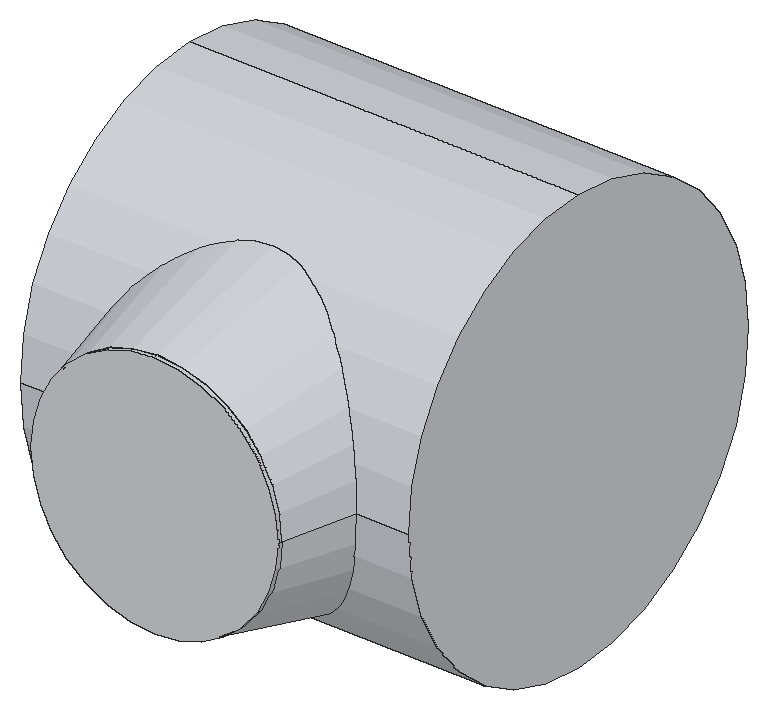
Revit family "M_Cruzamento redondo - Cônico", category Conexões de duto, Revit 2019
Family settings
  Cota do conector redondo = Usar raio
  Tipo de parte = Cruzeta
  Número OmniClass = 23.75.70.14
  Título OmniClass = Air Ductwork
  ID de item do Seek = Round Cross - Conical-0000-CAN-ENU
  Com base no plano de trabalho = Não
  Sempre na vertical = Sim
  Corte com vazios quando carregada = Não
  Compartilhado = Não
Parameters (values of type "Padrão")
  ComprimentoDoToco [instance] = 6 mm
  Raio do duto 1 [instance] = 300 mm
  L1 [instance] = RaioBasedoCone * 2  # 550 mm
  Raio do duto 4 [instance] = 175 mm
  Raio do duto 3 [instance] = 75 mm
  Diâmetro do duto 4 [instance] = 2 * Raio do duto 4  # 350 mm
  Comprimento de cone D3 [instance] = -ComprimentodoCone  # -400 mm
  Diâmetro do duto 3 [instance] = 2 * Raio do duto 3  # 150 mm
  Diâmetro do duto 1 [instance] = 2 * Raio do duto 1  # 600 mm
  ComprimentodoCone [instance] = Raio do duto 1 + ExtensãodoCone  # 400 mm
  PernadoCone [instance] = 50 mm
  ExtensãodoCone [instance] = 100 mm
  RaioBasedoCone [instance] = if(Raio do duto 3 > Raio do duto 4, Raio do duto 3 + PernadoCone * 2, Raio do duto 4 + PernadoCone * 2)  # 275 mm
  Assembly Code = ""
Reference planes
  plane 1 "Centro (Frente/Trás)": y = 0
  plane 2: z = 0
  plane 3 "Centro (Esquerda/Direita)": x = 0
  plane 4: x = -275
  plane 5: x = 275
  plane 6: y = 400
  plane 7: y = -400
  plane 8: y = 406
  plane 9: y = -406
Forms (mm)
  Sweep 1, solid, detail levels medium+fine
    path in 3D
      loop
        line (-275, 0, 0) -> (275, 0, 0)
    profile "M_Duto - Redondo : Duto - Redondo 1" origin (0, 0, 0) x (0, 1, 0) y (0, 0, 1)
      loop
        arc (-300, 0) -> (-212.132, -212.132) -> (0, -300) r 300
        arc (0, -300) -> (212.132, -212.132) -> (300, 0) r 300
        arc (300, 0) -> (212.132, 212.132) -> (0, 300) r 300
        arc (0, 300) -> (-212.132, 212.132) -> (-300, 0) r 300
  Sweep 2, solid, detail levels medium+fine
    path in 3D
      loop
        line (0, 406, 0) -> (0, 400, 0)
    profile "M_Duto - Redondo : Duto - Redondo 3" origin (0, 403, 0) x (1, 0, 0) y (0, 0, 1)
      loop
        arc (-75, 0) -> (-53.033, -53.033) -> (0, -75) r 75
        arc (0, -75) -> (53.033, -53.033) -> (75, 0) r 75
        arc (75, 0) -> (53.033, 53.033) -> (0, 75) r 75
        arc (0, 75) -> (-53.033, 53.033) -> (-75, 0) r 75
  Sweep 3, solid, detail levels medium+fine
    path in 3D
      loop
        line (0, -400, 0) -> (0, -406, 0)
    profile "M_Duto - Redondo : Duto - Redondo 4" origin (0, -403, 0) x (1, 0, 0) y (0, 0, 1)
      loop
        arc (-175, 0) -> (-123.744, -123.744) -> (0, -175) r 175
        arc (0, -175) -> (123.744, -123.744) -> (175, 0) r 175
        arc (175, 0) -> (123.744, 123.744) -> (0, 175) r 175
        arc (0, 175) -> (-123.744, 123.744) -> (-175, 0) r 175
  Blend 4, solid, detail levels medium+fine
    base sketch origin (0, 0, 0) x (1, 0, 0) y (0, 0, 1)
      loop
        circle (0, 0) r 275
    top sketch origin (0, 0, 0) x (1, 0, 0) y (0, 0, 1)
      loop
        circle (0, 0) r 175
    from 0 to 400 <- "ComprimentodoCone"
  Blend 5, solid, detail levels medium+fine
    base sketch origin (0, 0, 0) x (1, 0, 0) y (0, 0, 1)
      loop
        circle (0, 0) r 275
    top sketch origin (0, 0, 0) x (1, 0, 0) y (0, 0, 1)
      loop
        circle (0, 0) r 75
    from 0 to -400 <- "Comprimento de cone D3"
Cuts and joins
  joined: Sweep 1, Blend 4, Blend 5
Lines and regions (mm)
  reference lines
    curve 1: line (-275, 0, 0) -> (275, 0, 0)
    curve 3: line (0, 406, 0) -> (0, 400, 0)
    curve 4: line (0, 298.4, 0) -> (0, 292.05, 0)
    curve 5: line (0, -81.469, 0) -> (0, -87.819, 0)
    curve 6: line (0, -400, 0) -> (0, -406, 0)
  sketch lines
    curve 2: line (-275, 0, 0) -> (275, 0, 0)
    curve 7: line (0, 406, 0) -> (0, 400, 0)
    curve 8: line (0, -400, 0) -> (0, -406, 0)
  model lines, style "DuctFitting", detail levels coarse
    curve 9: line (-275, 0, 0) -> (275, 0, 0)
    curve 10: line (0, 406, 0) -> (0, -406, 0)
Dimensions and locks
  "ComprimentoDoToco": plane 9 to plane 7
  "ComprimentodoCone": plane 1 "Centro (Frente/Trás)" to plane 6
  "ComprimentodoCone": plane 7 to plane 1 "Centro (Frente/Trás)"
  "ComprimentoDoToco": plane 6 to plane 8
  "RaioBasedoCone": plane 4 to plane 3 "Centro (Esquerda/Direita)"
  "RaioBasedoCone": plane 3 "Centro (Esquerda/Direita)" to plane 5
  "RaioBasedoCone": radius of Blend 4 sketch curve
  "Raio do duto 4": radius of Blend 4 sketch curve
  "RaioBasedoCone": radius of Blend 5 sketch curve
  "Raio do duto 3": radius of Blend 5 sketch curve
  aligned and locked: plane 5 to curve 1
  aligned and locked: plane 4 to curve 1
  aligned and locked: plane 1 "Centro (Frente/Trás)" to curve 1
  aligned and locked: plane 7 to curve 6
  aligned and locked: plane 9 to curve 6
  aligned and locked: curve 6 to plane 3 "Centro (Esquerda/Direita)"
  aligned and locked: curve 5 to plane 3 "Centro (Esquerda/Direita)"
  aligned and locked: plane 8 to curve 3
  aligned and locked: curve 4 to plane 3 "Centro (Esquerda/Direita)"
  aligned and locked: plane 3 "Centro (Esquerda/Direita)" to Blend 4 sketch curve  (x2)
  aligned and locked: plane 2 to Blend 4 sketch curve  (x2)
  aligned and locked: curve 3 to plane 3 "Centro (Esquerda/Direita)"
  aligned and locked: plane 3 "Centro (Esquerda/Direita)" to Blend 5 sketch curve  (x2)
  aligned and locked: plane 2 to Blend 5 sketch curve  (x2)
  aligned and locked: curve 10 to Sweep 2
  aligned and locked: connector elem to curve 10
  aligned and locked: Blend 5 to plane 6
  aligned and locked: plane 1 "Centro (Frente/Trás)" to Blend 5
  aligned and locked: Blend 4 to plane 1 "Centro (Frente/Trás)"
  aligned and locked: plane 7 to Blend 4
  aligned and locked: plane 9 to curve 10
  aligned and locked: plane 1 "Centro (Frente/Trás)" to curve 9
  aligned and locked: plane 4 to curve 9
  aligned and locked: plane 5 to curve 9
  aligned and locked: curve 3 to cut or joined group of Sweep 1, Blend 4, Blend 5
Automatic sketch dimensions
  curve 3 to plane 6 = 0 mm
  plane 1 "Centro (Frente/Trás)" to curve 5 = 87.819 mm
  curve 5 to curve 5 = 6.35 mm
  plane 6 to curve 4 = 107.95 mm
  curve 4 to curve 4 = 6.35 mm
Connectors
  hvac at (-275, 0, 0), driven by "Raio do duto 1"
    settings: on cut or joined group of Sweep 1, Blend 4, Blend 5, index 1, duct flow 0.0 L/s, flow factor 0, pres drop 0.0 Pa, loss coef 0, conn angle 0.00°, conn width 304.8 mm, conn height 304.8 mm, conn diameter 600 mm, duct sys type 28, conn prof type 0, flow config 0, flow direction 0, loss method 0, conn ref index 2, conn util no, is conn primary yes, conn desc ""
  hvac at (275, 0, 0), driven by "Raio do duto 1"
    settings: on cut or joined group of Sweep 1, Blend 4, Blend 5, index 2, duct flow 0.0 L/s, flow factor 0, pres drop 0.0 Pa, loss coef 0, conn angle 0.00°, conn width 304.8 mm, conn height 304.8 mm, conn diameter 600 mm, duct sys type 28, conn prof type 0, flow config 0, flow direction 0, loss method 0, conn ref index 1, conn util no, is conn primary no, conn desc ""
  hvac at (0, 406, 0), driven by "Raio do duto 3"
    settings: on Sweep 2, index 3, duct flow 0.0 L/s, flow factor 0, pres drop 0.0 Pa, loss coef 0, conn angle 0.00°, conn width 304.8 mm, conn height 304.8 mm, conn diameter 150 mm, duct sys type 28, conn prof type 0, flow config 0, flow direction 0, loss method 0, conn ref index 4, conn util no, is conn primary no, conn desc ""
  hvac at (0, -406, 0), driven by "Raio do duto 4"
    settings: on Sweep 3, index 4, duct flow 0.0 L/s, flow factor 0, pres drop 0.0 Pa, loss coef 0, conn angle 0.00°, conn width 304.8 mm, conn height 304.8 mm, conn diameter 350 mm, duct sys type 28, conn prof type 0, flow config 0, flow direction 0, loss method 0, conn ref index 3, conn util no, is conn primary no, conn desc ""
